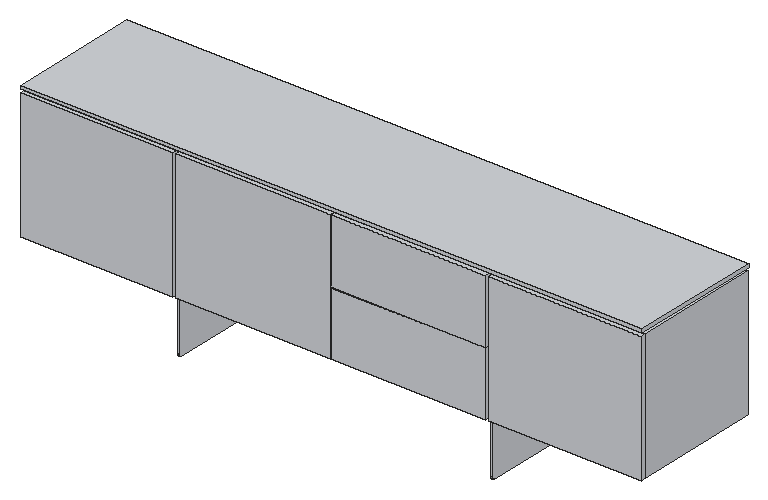
Revit family "Bernhardt_Design-Credenzas-Matera-StandardHeight", category Furniture, Revit 2016
Family settings
  OmniClass Number = 23.40.20.00
  OmniClass Title = General Furniture and Specialties
  Work Plane-Based = No
  Always vertical = Yes
  Cut with Voids When Loaded = No
  Shared = No
  Room Calculation Point = No
Parameters (values of type "Matera - SLJ,SKJ")
  subTop_width = Tabletop_halfWidth - 27/32"  # 47 5/32"
  leg_width = 24 3/16"
  inside_24in-36inDrawers = no
  inside_20in-20in-20in = no
  base_width = Tabletop_halfWidth - 6"  # 42"
  URL = "http://www.bernhardtdesign.com"
  Tabletop_width = 96"
  Tabletop_halfWidth = Tabletop_width / 2  # 48"
  Tabletop_halfDepth = Tabletop_depth / 2  # 10 5/16"
  Tabletop_depth = 20 5/8"
  SKU = "SLJ,SKJ"
  Model = "Matera"  # constant formula
  Manufacturer = "Bernhardt Design"  # constant formula
  Matera Veneer = none
  Matera Top = none
  Matera Metal = none
  Copyright © = "Copyright © Bernhardt Design"  # constant formula
  Catalog = SKU  # "SLJ,SKJ"
  Authoring Version = "Autodesk Revit 2016"  # constant formula
  inside_24in-24inDrawers = yes
  inside_24in-24in = no
  outside_open = no
  outside = yes
  inside_24in-12in = no
  inside_18in-18in = no
Types (15): name | subTop_width | leg_width | inside_24in-36inDrawers | inside_20in-20in-20in | base_width | Tabletop_width | Tabletop_halfWidth | SKU | Catalog | inside_24in-24inDrawers | inside_24in-24in | outside_open | outside | inside_24in-12in | inside_18in-18in
  (no name) | 47 5/32" | 24 3/16" | no | no | 42" | 96" | 48" | "SLJ,SKJ" | "SLJ,SKJ" | yes | no | no | yes | no | no
  Matera - SAJ,SJJ | 47 5/32" | 24 3/16" | no | no | 42" | 96" | 48" | "SAJ,SJJ" | "SAJ,SJJ" | no | yes | no | yes | no | no
  Matera - SBJ,SFJ | 47 5/32" | 24 3/16" | no | no | 42" | 96" | 48" | "SBJ,SFJ" | "SBJ,SFJ" | no | yes | yes | no | no | no
  Matera - SHH | 53 5/32" | 30 3/16" | yes | no | 48" | 108" | 54" | "SHH" | "SHH" | no | no | no | yes | no | no
  Matera - SLJ,SKJ | 47 5/32" | 24 3/16" | no | no | 42" | 96" | 48" | "SLJ,SKJ" | "SLJ,SKJ" | yes | no | no | yes | no | no
  Matera - SAN | 35 5/32" | 18 3/16" | no | no | 30" | 72" | 36" | "SAN" | "SAN" | no | no | no | yes | no | yes
  Matera - SFN,SEN | 35 5/32" | 18 3/16" | no | no | 30" | 72" | 36" | "SFN,SEN" | "SFN,SEN" | no | no | no | yes | yes | no
  Matera - SBN | 35 5/32" | 18 3/16" | no | no | 30" | 72" | 36" | "SBN" | "SBN" | no | no | yes | no | no | yes
  Matera - SDN | 35 5/32" | 18 3/16" | no | no | 30" | 72" | 36" | "SDN" | "SDN" | no | no | yes | no | yes | no
  Matera - SAL,SJL | 41 5/32" | 24 3/16" | no | no | 36" | 84" | 42" | "SAL,SJL" | "SAL,SJL" | no | yes | no | yes | no | no
  Matera - SBL,SFL | 41 5/32" | 24 3/16" | no | no | 36" | 84" | 42" | "SBL,SFL" | "SBL,SFL" | no | yes | yes | no | no | no
  Matera - SCL,SGL | 41 5/32" | 24 3/16" | no | no | 36" | 84" | 42" | "SCL,SGL" | "SCL,SGL" | no | yes | yes | no | no | no
  Matera - SAH,SIH | 53 5/32" | 30 3/16" | no | yes | 48" | 108" | 54" | "SAH,SIH" | "SAH,SIH" | no | no | no | yes | no | no
  Matera - SBH,SFH | 53 5/32" | 30 3/16" | no | yes | 48" | 108" | 54" | "SBH,SFH" | "SBH,SFH" | no | no | yes | no | no | no
  Matera - SDH | 53 5/32" | 30 3/16" | yes | no | 48" | 108" | 54" | "SDH" | "SDH" | no | no | yes | no | no | no
Reference planes (in)
  plane 1 "Center Front/Back": y = 0
  plane 2: z = 0
  plane 3 "Center Left/Right": x = 0
  plane 4 "LegPlane_right": x = 24.1875
  plane 5 "LegPlane_left": x = -24.1875
  plane 6 "basePlane_left": x = -42
  plane 7 "basePlane_right": x = 42
  plane 8 "subTop_plane": z = 28.47632
  plane 9 "subTopPlane_right": x = 47.15625
  plane 10 "subTopPlane_left": x = -47.15625
  plane 11 "TabletopPlane_left": x = -48
  plane 12 "TabletopPlane_right": x = 48
  plane 13 "Tabletop_depthPlane_top": y = 10.3125
  plane 14: y = -10.3125
  plane 15 "cabinetPlane_bottom": z = 8.5354
  plane 16 "subtop_plane_front": y = -9.46826
Forms (in)
  Extrusion 1, solid, material <- "Matera Metal"
    sketch origin (24.1875, 0, 0) x (0, -1, 0) y (0, 0, 1)
      loop
        line (9.46851, 28.47632) -> (-9.42914, 28.47632) -> (-9.42914, 0.25)
        arc (-9.42914, 0.25) -> (-9.35591, 0.07322) -> (-9.17914, 0) r 0.25
        line (-9.17914, 0) -> (9.21851, 0)
        arc (9.21851, 0) -> (9.39528, 0.07322) -> (9.46851, 0.25) r 0.25
        line (9.46851, 0.25) -> (9.46851, 28.47632)
    from -0.21851 to 0.21851
  Extrusion 2, solid, material <- "Matera Metal"
    sketch origin (-24.1875, 0, 0) x (0, -1, 0) y (0, 0, 1)
      loop
        line (9.46851, 28.47632) -> (-9.42914, 28.47632) -> (-9.42914, 0.25)
        arc (-9.42914, 0.25) -> (-9.35591, 0.07322) -> (-9.17914, 0) r 0.25
        line (-9.17914, 0) -> (9.21851, 0)
        arc (9.21851, 0) -> (9.39528, 0.07322) -> (9.46851, 0.25) r 0.25
        line (9.46851, 0.25) -> (9.46851, 28.47632)
    from -0.21851 to 0.21851
  Extrusion 3, solid, material <- "Matera Metal"
    sketch origin (-42, 0, 0) x (0, 1, 0) y (0, 0, 1)
      loop
        arc (-5.20593, 8.5354) -> (-5.25798, 8.51384) -> (-5.27954, 8.46179) r 0.07361
        line (-5.27954, 8.46179) -> (-5.27954, 7.23124)
        arc (-5.27954, 7.23124) -> (-5.23484, 7.12332) -> (-5.12692, 7.07861) r 0.15262
        line (-5.12692, 7.07861) -> (-3.92156, 7.07861)
        arc (-3.92156, 7.07861) -> (-3.80724, 7.12597) -> (-3.75989, 7.24028) r 0.16167
        line (-3.75989, 7.24028) -> (-3.75989, 8.46012)
        arc (-3.75989, 8.46012) -> (-3.78194, 8.51335) -> (-3.83516, 8.5354) r 0.07528
        line (-3.83516, 8.5354) -> (-5.20593, 8.5354)
      loop
        line (5.20593, 8.5354) -> (3.83516, 8.5354)
        arc (3.83516, 8.5354) -> (3.78194, 8.51335) -> (3.75989, 8.46012) r 0.07528
        line (3.75989, 8.46012) -> (3.75989, 7.24028)
        arc (3.75989, 7.24028) -> (3.80724, 7.12597) -> (3.92156, 7.07861) r 0.16167
        line (3.92156, 7.07861) -> (5.12692, 7.07861)
        arc (5.12692, 7.07861) -> (5.23484, 7.12332) -> (5.27954, 7.23124) r 0.15262
        line (5.27954, 7.23124) -> (5.27954, 8.46179)
        arc (5.27954, 8.46179) -> (5.25798, 8.51384) -> (5.20593, 8.5354) r 0.07361
    from 0 to 84
  Extrusion 4, solid, material <- "Matera Metal"
    sketch origin (0, 0, 28.47632) x (-1, 0, 0) y (0, -1, 0)
      loop
        line (-47.15625, -10.3125) -> (-46.65625, -10.3125) -> (-46.65625, 8.96826) -> (-47.15625, 8.96826) -> (-47.15625, -10.3125)
    from 0 to 0.51196
  Extrusion 5, solid, material <- "Matera Metal"
    sketch origin (0, 0, 28.47632) x (-1, 0, 0) y (0, -1, 0)
      loop
        line (-47.15625, 8.96826) -> (47.15625, 8.96826) -> (47.15625, 9.46826) -> (-47.15625, 9.46826) -> (-47.15625, 8.96826)
    from 0 to 0.51196
  Extrusion 6, solid, material <- "Matera Top"
    sketch origin (0, 0, 28.47632) x (-1, 0, 0) y (0, -1, 0)
      loop
        line (48, -10.3125) -> (48, 10.3125) -> (-48, 10.3125) -> (-48, -10.3125) -> (48, -10.3125)
    from 0.51196 to 1.02368
  Extrusion 7, solid, material <- "Matera Metal"
    sketch origin (0, 0, 28.47632) x (1, 0, 0) y (0, 1, 0)
      loop
        line (-47.15625, 10.3125) -> (-47.15625, -8.96826) -> (-46.65625, -8.96826) -> (-46.65625, 10.3125) -> (-47.15625, 10.3125)
    from 0 to 0.51196
  Extrusion 8, solid, material <- "Matera Veneer"
    sketch origin (0, 0, 0) x (1, 0, 0) y (0, 0, 1)
      loop
        line (-47.15625, 28.47632) -> (-47.15625, 27.72852) -> (47.15625, 27.72852) -> (47.15625, 28.47632) -> (-47.15625, 28.47632)
      loop
        line (-47.15625, 8.5354) -> (47.15625, 8.5354) -> (47.15625, 9.28345) -> (-47.15625, 9.28345) -> (-47.15625, 8.5354)
    from -9.42914 to 9.46851
  Extrusion 9, solid, material <- "Matera Veneer"
    sketch origin (0, 0, 28.47632) x (-1, 0, 0) y (0, -1, 0)
      loop
        line (-47.15625, -10.3125) -> (47.15625, -10.3125) -> (47.15625, -9.42914) -> (-47.15625, -9.42914) -> (-47.15625, -10.3125)
    from -19.94092 to 0
  Extrusion 10, solid, material <- "Matera Veneer"
    sketch origin (0, 0, 0) x (1, 0, 0) y (0, 0, 1)
      loop
        line (48, 28.47632) -> (47.15625, 28.47632) -> (47.15625, 8.5354) -> (48, 8.5354) -> (48, 28.47632)
    from -10.3125 to 9.46851
  Extrusion 11, solid, material <- "Matera Veneer"
    sketch origin (0, 0, 0) x (-1, 0, 0) y (0, 0, -1)
      loop
        line (48, -28.47632) -> (48, -8.5354) -> (47.15625, -8.5354) -> (47.15625, -28.47632) -> (48, -28.47632)
    from -10.3125 to 9.46851
  Extrusion 12, solid, visible <- "outside"
    sketch origin (0, 0.72589, 0) x (1, 0, 0) y (0, 0, 1)
      loop
        line (-24.40601, 8.5354) -> (-24.40601, 28.47632) -> (-48, 28.47632) -> (-48, 8.5354) -> (-24.40601, 8.5354)
      loop
        line (48, 8.5354) -> (48, 28.47632) -> (24.40601, 28.47632) -> (24.40601, 8.5354) -> (48, 8.5354)
    from 10.3125 to 11.03839
  Extrusion 13, solid, visible <- "inside_18in-18in"
    sketch origin (18.03101, 0.72589, 0) x (1, 0, 0) y (0, 0, 1)
      loop
        line (-18.08515, 8.5354) -> (-18.08515, 28.47632) -> (-42, 28.47632) -> (-42, 8.5354) -> (-18.08515, 8.5354)
      loop
        line (5.93799, 8.5354) -> (5.93799, 28.47632) -> (-17.97686, 28.47632) -> (-17.97686, 8.5354) -> (5.93799, 8.5354)
    from 10.3125 to 11.03839
  Extrusion 14, solid, visible <- "inside_24in-12in"
    sketch origin (18.03101, 0.72589, 0) x (1, 0, 0) y (0, 0, 1)
      loop
        line (-12.10181, 8.5354) -> (-12.10181, 28.47632) -> (-42, 28.47632) -> (-42, 8.5354) -> (-12.10181, 8.5354)
      loop
        line (5.93799, 8.5354) -> (5.93799, 28.47632) -> (-12.02307, 28.47632) -> (-12.02307, 8.5354) -> (5.93799, 8.5354)
    from 10.3125 to 11.03839
  Extrusion 15, solid, visible <- "outside_open"
    sketch origin (0, 0, 0) x (1, 0, 0) y (0, 0, 1)
      loop
        line (-24.40601, 27.72852) -> (-25.15601, 27.72852) -> (-25.15601, 19.25873) -> (-47.15625, 19.25873) -> (-47.15625, 18.75198) -> (-25.15601, 18.75198) -> (-25.15601, 9.28345) -> (-24.40601, 9.28345) -> (-24.40601, 27.72852)
      loop
        line (24.40601, 27.72852) -> (24.40601, 9.28345) -> (25.15601, 9.28345) -> (25.15601, 18.75198) -> (47.15625, 18.75198) -> (47.15625, 19.25873) -> (25.15601, 19.25873) -> (25.15601, 27.72852) -> (24.40601, 27.72852)
    from -9.42914 to 9.46851
  Extrusion 16, solid, visible <- "inside_24in-24in"
    sketch origin (12.05145, 0.72589, 0) x (1, 0, 0) y (0, 0, 1)
      loop
        line (-12.1056, 8.5354) -> (-12.1056, 28.47632) -> (-36.02044, 28.47632) -> (-36.02044, 8.5354) -> (-12.1056, 8.5354)
      loop
        line (11.91755, 8.5354) -> (11.91755, 28.47632) -> (-11.9973, 28.47632) -> (-11.9973, 8.5354) -> (11.91755, 8.5354)
    from 10.3125 to 11.03839
  Extrusion 17, solid, visible <- "inside_24in-24inDrawers"
    sketch origin (10.30145, 0.72589, 0) x (1, 0, 0) y (0, 0, 1)
      loop
        line (-10.3556, 8.5354) -> (-10.3556, 28.47632) -> (-34.27044, 28.47632) -> (-34.27044, 8.5354) -> (-10.3556, 8.5354)
      loop
        line (13.66755, 18.51575) -> (13.66755, 28.47632) -> (-10.2473, 28.47632) -> (-10.2473, 18.51575) -> (13.66755, 18.51575)
      loop
        line (13.66755, 8.5354) -> (13.66755, 18.43701) -> (-10.2473, 18.43701) -> (-10.2473, 8.5354) -> (13.66755, 8.5354)
    from 10.3125 to 11.03839
  Extrusion 18, solid, visible <- "inside_20in-20in-20in"
    sketch origin (10.30145, 0.72589, 0) x (1, 0, 0) y (0, 0, 1)
      loop
        line (-20.42224, 8.5354) -> (-20.42224, 28.47632) -> (-34.27044, 28.47632) -> (-34.27044, 8.5354) -> (-20.42224, 8.5354)
      loop
        line (-0.44848, 8.5354) -> (-0.44848, 28.47632) -> (-20.3435, 28.47632) -> (-20.3435, 8.5354) -> (-0.44848, 8.5354)
      loop
        line (-0.36975, 8.5354) -> (13.66755, 8.5354) -> (13.66755, 28.47632) -> (-0.36975, 28.47632) -> (-0.36975, 8.5354)
    from 10.3125 to 11.03839
  Extrusion 19, solid, visible <- "inside_24in-36inDrawers"
    sketch origin (4.29652, 0.72589, 0) x (1, 0, 0) y (0, 0, 1)
      loop
        line (-10.3556, 8.5354) -> (-10.3556, 28.47632) -> (-28.26551, 28.47632) -> (-28.26551, 8.5354) -> (-10.3556, 8.5354)
      loop
        line (19.67248, 18.51575) -> (19.67248, 28.47632) -> (-10.2473, 28.47632) -> (-10.2473, 18.51575) -> (19.67248, 18.51575)
      loop
        line (19.67248, 8.5354) -> (19.67248, 18.43701) -> (-10.2473, 18.43701) -> (-10.2473, 8.5354) -> (19.67248, 8.5354)
    from 10.3125 to 11.03839
Dimensions and locks (in)
  "subTop_width": plane 10 "subTopPlane_left" to plane 3 "Center Left/Right"
  "subTop_width": plane 3 "Center Left/Right" to plane 9 "subTopPlane_right"
  "Tabletop_halfWidth": plane 11 "TabletopPlane_left" to plane 3 "Center Left/Right"
  "Tabletop_halfWidth": plane 3 "Center Left/Right" to plane 12 "TabletopPlane_right"
  "Tabletop_halfDepth": plane 1 "Center Front/Back" to plane 14
  "Tabletop_halfDepth": plane 1 "Center Front/Back" to plane 13 "Tabletop_depthPlane_top"
  "base_width": plane 3 "Center Left/Right" to plane 6 "basePlane_left"
  "base_width": plane 7 "basePlane_right" to plane 3 "Center Left/Right"
  "leg_width": plane 5 "LegPlane_left" to plane 3 "Center Left/Right"
  "leg_width": plane 3 "Center Left/Right" to plane 4 "LegPlane_right"
  locked: plane 16 "subtop_plane_front" to plane 14 at 0.84424
  aligned and locked: level to plane 2
  aligned and locked: plane 7 "basePlane_right" to Extrusion 3
  aligned and locked: Extrusion 3 to plane 6 "basePlane_left"
  aligned and locked: Extrusion 4 to plane 13 "Tabletop_depthPlane_top"
  aligned and locked: Extrusion 6 to plane 13 "Tabletop_depthPlane_top"
  aligned and locked: Extrusion 6 to plane 14
Automatic sketch dimensions
  Extrusion 1 sketch curve to plane 8 "subTop_plane" = 0"
  Extrusion 1 sketch curve to level = 0"
  plane 13 "Tabletop_depthPlane_top" to Extrusion 1 sketch curve = 0.88336"
  Extrusion 1 sketch curve to Extrusion 1 sketch curve = 1/4"
  plane 16 "subtop_plane_front" to Extrusion 1 sketch curve = 0.24976"
  Extrusion 1 sketch curve to plane 16 "subtop_plane_front" = 0.00024"
  Extrusion 2 sketch curve to plane 8 "subTop_plane" = 0"
  Extrusion 2 sketch curve to level = 0"
  plane 13 "Tabletop_depthPlane_top" to Extrusion 2 sketch curve = 0.88336"
  Extrusion 2 sketch curve to Extrusion 2 sketch curve = 1/4"
  plane 16 "subtop_plane_front" to Extrusion 2 sketch curve = 0.24976"
  Extrusion 2 sketch curve to plane 16 "subtop_plane_front" = 0.00024"
  plane 15 "cabinetPlane_bottom" to Extrusion 3 sketch curve = 0"  (x2)
  plane 15 "cabinetPlane_bottom" to Extrusion 3 sketch curve = 1.30416"
  plane 16 "subtop_plane_front" to Extrusion 3 sketch curve = 4.18872"
  Extrusion 3 sketch curve to Extrusion 3 sketch curve = 0.07361"
  Extrusion 3 sketch curve to Extrusion 3 sketch curve = 0.15262"
  Extrusion 3 sketch curve to Extrusion 3 sketch curve = 1.20536"  (x2)
  plane 15 "cabinetPlane_bottom" to Extrusion 3 sketch curve = 0.07528"
  Extrusion 3 sketch curve to Extrusion 3 sketch curve = 0.08639"
  plane 15 "cabinetPlane_bottom" to Extrusion 3 sketch curve = 1.29512"
  Extrusion 3 sketch curve to plane 1 "Center Front/Back" = 3.75989"
  Extrusion 3 sketch curve to Extrusion 3 sketch curve = 0.07528"
  Extrusion 3 sketch curve to Extrusion 3 sketch curve = 0.16167"
  plane 15 "cabinetPlane_bottom" to Extrusion 3 sketch curve = 0.07361"
  Extrusion 3 sketch curve to Extrusion 3 sketch curve = 0.07901"
  Extrusion 4 sketch curve to plane 9 "subTopPlane_right" = 0"
  plane 13 "Tabletop_depthPlane_top" to Extrusion 4 sketch curve = 0"
  plane 9 "subTopPlane_right" to Extrusion 4 sketch curve = 1/2"
  plane 16 "subtop_plane_front" to Extrusion 4 sketch curve = 1/2"
  Extrusion 5 sketch curve to plane 9 "subTopPlane_right" = 0"
  Extrusion 5 sketch curve to plane 10 "subTopPlane_left" = 0"
  Extrusion 5 sketch curve to plane 16 "subtop_plane_front" = 0"
  plane 16 "subtop_plane_front" to Extrusion 5 sketch curve = 1/2"
  Extrusion 6 sketch curve to plane 12 "TabletopPlane_right" = 0"
  Extrusion 6 sketch curve to plane 11 "TabletopPlane_left" = 0"
  plane 13 "Tabletop_depthPlane_top" to Extrusion 6 sketch curve = 0"
  Extrusion 6 sketch curve to plane 14 = 0"
  Extrusion 7 sketch curve to plane 10 "subTopPlane_left" = 0"
  plane 13 "Tabletop_depthPlane_top" to Extrusion 7 sketch curve = 0"
  Extrusion 7 sketch curve to Extrusion 7 sketch curve = 1/2"
  Extrusion 7 sketch curve to plane 16 "subtop_plane_front" = 1/2"
  Extrusion 8 sketch curve to plane 8 "subTop_plane" = 0"
  Extrusion 8 sketch curve to plane 10 "subTopPlane_left" = 0"  (x2)
  plane 9 "subTopPlane_right" to Extrusion 8 sketch curve = 0"  (x2)
  Extrusion 8 sketch curve to plane 15 "cabinetPlane_bottom" = 0"
  Extrusion 8 sketch curve to Extrusion 8 sketch curve = 0.74805"
  Extrusion 8 sketch curve to plane 8 "subTop_plane" = 0.7478"
  Extrusion 9 sketch curve to plane 9 "subTopPlane_right" = 0"
  Extrusion 9 sketch curve to plane 10 "subTopPlane_left" = 0"
  plane 13 "Tabletop_depthPlane_top" to Extrusion 9 sketch curve = 0"
  plane 13 "Tabletop_depthPlane_top" to Extrusion 9 sketch curve = 0.88336"
  Extrusion 10 sketch curve to plane 8 "subTop_plane" = 0"
  plane 9 "subTopPlane_right" to Extrusion 10 sketch curve = 0"
  plane 12 "TabletopPlane_right" to Extrusion 10 sketch curve = 0"
  Extrusion 10 sketch curve to plane 15 "cabinetPlane_bottom" = 0"
  Extrusion 11 sketch curve to plane 8 "subTop_plane" = 0"
  Extrusion 11 sketch curve to plane 10 "subTopPlane_left" = 0"
  plane 11 "TabletopPlane_left" to Extrusion 11 sketch curve = 0"
  Extrusion 11 sketch curve to plane 15 "cabinetPlane_bottom" = 0"
  plane 11 "TabletopPlane_left" to Extrusion 12 sketch curve = 0"
  Extrusion 12 sketch curve to plane 8 "subTop_plane" = 0"  (x2)
  Extrusion 12 sketch curve to plane 15 "cabinetPlane_bottom" = 0"  (x2)
  plane 12 "TabletopPlane_right" to Extrusion 12 sketch curve = 0"
  plane 5 "LegPlane_left" to Extrusion 12 sketch curve = 0.21851"
  Extrusion 12 sketch curve to plane 4 "LegPlane_right" = 0.21851"
  Extrusion 13 sketch curve to plane 15 "cabinetPlane_bottom" = 0"  (x2)
  Extrusion 13 sketch curve to plane 8 "subTop_plane" = 0"  (x2)
  Extrusion 13 sketch curve to plane 5 "LegPlane_left" = 0.21851"
  Extrusion 13 sketch curve to plane 3 "Center Left/Right" = 0.05415"
  plane 3 "Center Left/Right" to Extrusion 13 sketch curve = 0.05415"
  plane 4 "LegPlane_right" to Extrusion 13 sketch curve = 0.21851"
  Extrusion 14 sketch curve to plane 15 "cabinetPlane_bottom" = 0"  (x2)
  Extrusion 14 sketch curve to plane 8 "subTop_plane" = 0"  (x2)
  Extrusion 14 sketch curve to plane 5 "LegPlane_left" = 0.21851"
  plane 3 "Center Left/Right" to Extrusion 14 sketch curve = 5.9292"
  Extrusion 14 sketch curve to Extrusion 14 sketch curve = 0.07874"
  plane 4 "LegPlane_right" to Extrusion 14 sketch curve = 0.21851"
  Extrusion 15 sketch curve to plane 10 "subTopPlane_left" = 0"
  plane 9 "subTopPlane_right" to Extrusion 15 sketch curve = 0"
  plane 5 "LegPlane_left" to Extrusion 15 sketch curve = 0.96851"  (x2)
  plane 5 "LegPlane_left" to Extrusion 15 sketch curve = 0.21851"
  Extrusion 15 sketch curve to plane 4 "LegPlane_right" = 0.21851"
  Extrusion 15 sketch curve to plane 4 "LegPlane_right" = 0.96851"
  Extrusion 15 sketch curve to Extrusion 15 sketch curve = 3/4"
  Extrusion 15 sketch curve to plane 15 "cabinetPlane_bottom" = 0.74805"  (x2)
  Extrusion 15 sketch curve to plane 8 "subTop_plane" = 9.72433"  (x2)
  Extrusion 15 sketch curve to Extrusion 15 sketch curve = 0.50675"  (x2)
  Extrusion 15 sketch curve to plane 8 "subTop_plane" = 0.7478"  (x2)
  Extrusion 16 sketch curve to plane 15 "cabinetPlane_bottom" = 0"  (x2)
  Extrusion 16 sketch curve to plane 8 "subTop_plane" = 0"  (x2)
  Extrusion 16 sketch curve to plane 5 "LegPlane_left" = 0.21851"
  Extrusion 16 sketch curve to plane 3 "Center Left/Right" = 0.05415"
  plane 3 "Center Left/Right" to Extrusion 16 sketch curve = 0.05415"
  plane 4 "LegPlane_right" to Extrusion 16 sketch curve = 0.21851"
  Extrusion 17 sketch curve to plane 15 "cabinetPlane_bottom" = 0"  (x2)
  Extrusion 17 sketch curve to plane 8 "subTop_plane" = 0"  (x2)
  Extrusion 17 sketch curve to plane 5 "LegPlane_left" = 0.21851"
  Extrusion 17 sketch curve to plane 3 "Center Left/Right" = 0.05415"
  plane 3 "Center Left/Right" to Extrusion 17 sketch curve = 0.05415"  (x2)
  plane 4 "LegPlane_right" to Extrusion 17 sketch curve = 0.21851"
  Extrusion 17 sketch curve to Extrusion 17 sketch curve = 0"
  Extrusion 17 sketch curve to Extrusion 17 sketch curve = 9.90161"
  Extrusion 17 sketch curve to Extrusion 17 sketch curve = 0.07874"
  Extrusion 18 sketch curve to plane 15 "cabinetPlane_bottom" = 0"  (x3)
  Extrusion 18 sketch curve to plane 8 "subTop_plane" = 0"  (x3)
  Extrusion 18 sketch curve to plane 5 "LegPlane_left" = 0.21851"
  Extrusion 18 sketch curve to plane 3 "Center Left/Right" = 10.12079"
  Extrusion 18 sketch curve to Extrusion 18 sketch curve = 0.07874"  (x2)
  plane 3 "Center Left/Right" to Extrusion 18 sketch curve = 9.85297"
  plane 4 "LegPlane_right" to Extrusion 18 sketch curve = 0.21851"
  Extrusion 19 sketch curve to plane 15 "cabinetPlane_bottom" = 0"  (x2)
  Extrusion 19 sketch curve to plane 8 "subTop_plane" = 0"  (x2)
  Extrusion 19 sketch curve to plane 5 "LegPlane_left" = 0.21851"
  Extrusion 19 sketch curve to plane 3 "Center Left/Right" = 6.05908"
  Extrusion 19 sketch curve to Extrusion 19 sketch curve = 0.1083"
  Extrusion 19 sketch curve to Extrusion 19 sketch curve = 0"  (x2)
  plane 4 "LegPlane_right" to Extrusion 19 sketch curve = 0.21851"
  Extrusion 19 sketch curve to plane 15 "cabinetPlane_bottom" = 9.90161"
  Extrusion 19 sketch curve to Extrusion 19 sketch curve = 0.07874"
